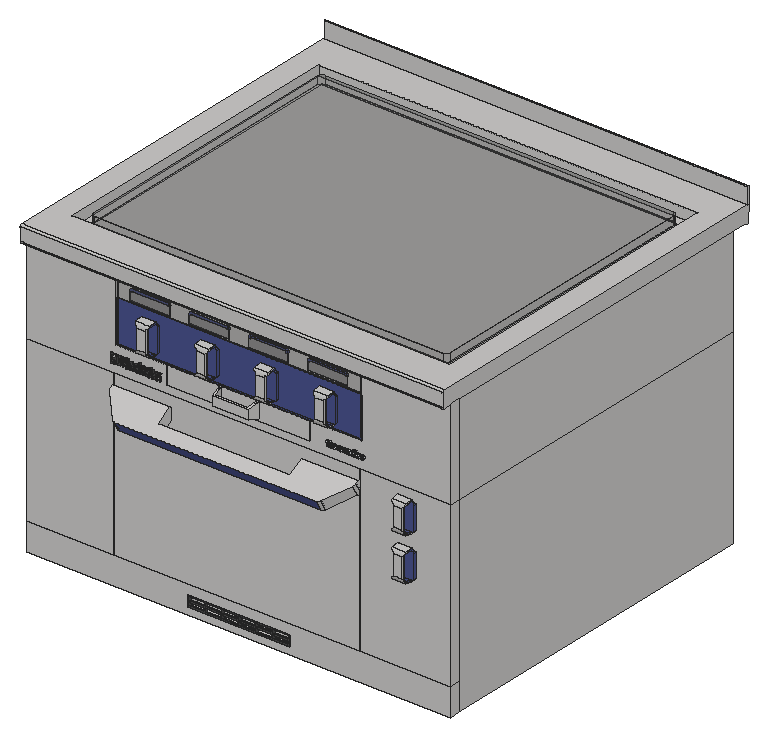
Revit family "QF_ELECTROLUXPROFESSIONAL_589650_MCLLEBJ8AO", category Attrezzature speciali, Revit 2020 (continued)
Definition of nested family "Front_Panel_W1000_Four Knobs"
  Definition of nested family "ELX_Professional_Logo_Small"
    Forms (mm)
      Extrusion 2, solid, material <- "Material_Logo"
        sketch origin (15.5, 0, 0) x (1, 0, 0) y (0, 1, 0)
          loop
            spline (-21.915, 1.897) -> (-21.957, 2.615) -> (-22.082, 3.303) -> (-22.285, 3.955) -> (-22.563, 4.564) -> (-22.913, 5.124) -> (-23.331, 5.629) -> (-23.814, 6.074) -> (-24.359, 6.451) -> (-24.961, 6.755) -> (-25.618, 6.98) -> (-26.326, 7.119) -> (-27.081, 7.167)
            spline (-27.081, 7.167) -> (-27.853, 7.122) -> (-28.586, 6.99) -> (-29.275, 6.774) -> (-29.915, 6.478) -> (-30.5, 6.104) -> (-31.024, 5.657) -> (-31.483, 5.138) -> (-31.871, 4.553) -> (-32.182, 3.904) -> (-32.411, 3.194) -> (-32.552, 2.427) -> (-32.6, 1.606)
            spline (-32.6, 1.606) -> (-32.553, 0.805) -> (-32.416, 0.057) -> (-32.193, -0.637) -> (-31.887, -1.271) -> (-31.504, -1.843) -> (-31.048, -2.35) -> (-30.523, -2.788) -> (-29.934, -3.154) -> (-29.284, -3.444) -> (-28.579, -3.656) -> (-27.822, -3.785) -> (-27.019, -3.829)
            spline (-27.019, -3.829) -> (-26.627, -3.82) -> (-26.239, -3.79) -> (-25.856, -3.739) -> (-25.477, -3.663) -> (-25.103, -3.562) -> (-24.734, -3.432) -> (-24.369, -3.273) -> (-24.01, -3.082) -> (-23.655, -2.858) -> (-23.305, -2.597) -> (-22.96, -2.299) -> (-22.621, -1.962)
            line (-22.621, -1.962) -> (-24.114, -0.509)
            spline (-24.114, -0.509) -> (-24.311, -0.699) -> (-24.509, -0.872) -> (-24.71, -1.03) -> (-24.915, -1.172) -> (-25.126, -1.297) -> (-25.346, -1.407) -> (-25.576, -1.5) -> (-25.817, -1.576) -> (-26.072, -1.636) -> (-26.342, -1.678) -> (-26.629, -1.704) -> (-26.936, -1.713)
            spline (-26.936, -1.713) -> (-27.384, -1.691) -> (-27.805, -1.625) -> (-28.196, -1.518) -> (-28.556, -1.372) -> (-28.882, -1.187) -> (-29.174, -0.966) -> (-29.429, -0.71) -> (-29.645, -0.422) -> (-29.821, -0.102) -> (-29.955, 0.247) -> (-30.045, 0.623) -> (-30.089, 1.026)
            line (-30.089, 1.026) -> (-21.956, 1.026) -> (-21.915, 1.897)
          loop
            spline (-24.446, 2.769) -> (-24.47, 3.075) -> (-24.54, 3.37) -> (-24.654, 3.65) -> (-24.807, 3.913) -> (-24.996, 4.156) -> (-25.219, 4.376) -> (-25.472, 4.57) -> (-25.753, 4.736) -> (-26.057, 4.869) -> (-26.382, 4.968) -> (-26.724, 5.03) -> (-27.081, 5.051)
            spline (-27.081, 5.051) -> (-27.464, 5.03) -> (-27.832, 4.97) -> (-28.183, 4.872) -> (-28.513, 4.74) -> (-28.819, 4.577) -> (-29.099, 4.384) -> (-29.347, 4.165) -> (-29.563, 3.923) -> (-29.742, 3.659) -> (-29.881, 3.377) -> (-29.977, 3.079) -> (-30.027, 2.769)
            line (-30.027, 2.769) -> (-24.446, 2.769)
          loop
            spline (-18.167, 1.669) -> (-18.138, 2.13) -> (-18.055, 2.567) -> (-17.921, 2.978) -> (-17.739, 3.358) -> (-17.512, 3.705) -> (-17.243, 4.016) -> (-16.937, 4.287) -> (-16.596, 4.517) -> (-16.223, 4.7) -> (-15.823, 4.835) -> (-15.398, 4.919) -> (-14.951, 4.947)
            spline (-14.951, 4.947) -> (-14.677, 4.938) -> (-14.414, 4.913) -> (-14.162, 4.871) -> (-13.921, 4.812) -> (-13.69, 4.738) -> (-13.467, 4.649) -> (-13.254, 4.544) -> (-13.048, 4.424) -> (-12.85, 4.291) -> (-12.659, 4.143) -> (-12.474, 3.981) -> (-12.295, 3.806)
            line (-12.295, 3.806) -> (-10.76, 5.403)
            spline (-10.76, 5.403) -> (-11.065, 5.709) -> (-11.38, 5.984) -> (-11.703, 6.228) -> (-12.035, 6.443) -> (-12.375, 6.63) -> (-12.723, 6.788) -> (-13.078, 6.92) -> (-13.44, 7.026) -> (-13.809, 7.107) -> (-14.184, 7.164) -> (-14.564, 7.198) -> (-14.951, 7.209)
            spline (-14.951, 7.209) -> (-15.725, 7.161) -> (-16.467, 7.02) -> (-17.169, 6.792) -> (-17.826, 6.482) -> (-18.43, 6.096) -> (-18.976, 5.637) -> (-19.455, 5.112) -> (-19.862, 4.525) -> (-20.19, 3.882) -> (-20.433, 3.189) -> (-20.584, 2.449) -> (-20.635, 1.669)
            spline (-20.635, 1.669) -> (-20.584, 0.889) -> (-20.433, 0.149) -> (-20.19, -0.545) -> (-19.862, -1.187) -> (-19.455, -1.774) -> (-18.976, -2.299) -> (-18.43, -2.758) -> (-17.826, -3.145) -> (-17.169, -3.454) -> (-16.467, -3.682) -> (-15.725, -3.823) -> (-14.951, -3.871)
            spline (-14.951, -3.871) -> (-14.564, -3.86) -> (-14.184, -3.826) -> (-13.809, -3.77) -> (-13.44, -3.689) -> (-13.078, -3.583) -> (-12.723, -3.451) -> (-12.375, -3.292) -> (-12.035, -3.105) -> (-11.703, -2.89) -> (-11.38, -2.646) -> (-11.065, -2.371) -> (-10.76, -2.066)
            line (-10.76, -2.066) -> (-12.295, -0.468)
            spline (-12.295, -0.468) -> (-12.474, -0.643) -> (-12.659, -0.805) -> (-12.85, -0.953) -> (-13.048, -1.087) -> (-13.254, -1.206) -> (-13.467, -1.311) -> (-13.69, -1.4) -> (-13.921, -1.475) -> (-14.162, -1.533) -> (-14.414, -1.575) -> (-14.677, -1.6) -> (-14.951, -1.609)
            spline (-14.951, -1.609) -> (-15.398, -1.581) -> (-15.823, -1.497) -> (-16.223, -1.362) -> (-16.596, -1.179) -> (-16.937, -0.95) -> (-17.243, -0.678) -> (-17.512, -0.367) -> (-17.739, -0.02) -> (-17.921, 0.36) -> (-18.055, 0.771) -> (-18.138, 1.208) -> (-18.167, 1.669)
          loop
            spline (-4.441, -1.243) -> (-4.659, -1.247) -> (-4.894, -1.23) -> (-5.137, -1.19) -> (-5.384, -1.121) -> (-5.628, -1.021) -> (-5.864, -0.884) -> (-6.084, -0.708) -> (-6.283, -0.488) -> (-6.454, -0.219) -> (-6.592, 0.101) -> (-6.69, 0.478) -> (-6.742, 0.914)
            line (-6.742, 0.914) -> (-6.742, 4.587) -> (-4.487, 4.587) -> (-4.487, 6.838) -> (-6.738, 6.838) -> (-6.738, 10.824) -> (-9.217, 10.824) -> (-9.217, 0.773)
            spline (-9.217, 0.773) -> (-9.164, 0.19) -> (-9.068, -0.358) -> (-8.928, -0.87) -> (-8.742, -1.343) -> (-8.511, -1.777) -> (-8.232, -2.168) -> (-7.904, -2.515) -> (-7.527, -2.816) -> (-7.098, -3.069) -> (-6.618, -3.273) -> (-6.084, -3.426) -> (-5.496, -3.525)
            line (-5.496, -3.525) -> (-4.45, -3.573) -> (-4.441, -1.243)
          loop
            spline (3.898, 6.983) -> (3.469, 7.009) -> (3.056, 7.001) -> (2.661, 6.961) -> (2.283, 6.888) -> (1.925, 6.785) -> (1.588, 6.652) -> (1.272, 6.49) -> (0.979, 6.301) -> (0.71, 6.085) -> (0.465, 5.844) -> (0.247, 5.578) -> (0.056, 5.289)
            line (0.056, 5.289) -> (0.056, 6.838) -> (-2.402, 6.838) -> (-2.402, -3.572) -> (0.056, -3.572) -> (0.056, 1.901)
            spline (0.056, 1.901) -> (0.079, 2.316) -> (0.145, 2.703) -> (0.254, 3.06) -> (0.404, 3.386) -> (0.592, 3.679) -> (0.818, 3.938) -> (1.08, 4.162) -> (1.375, 4.348) -> (1.703, 4.495) -> (2.062, 4.602) -> (2.45, 4.668) -> (2.865, 4.69)
            line (2.865, 4.69) -> (3.898, 4.586) -> (3.898, 6.983)
          loop
            spline (15.638, 1.633) -> (15.586, 2.396) -> (15.435, 3.124) -> (15.192, 3.81) -> (14.863, 4.449) -> (14.455, 5.034) -> (13.975, 5.56) -> (13.43, 6.021) -> (12.826, 6.411) -> (12.17, 6.724) -> (11.469, 6.955) -> (10.729, 7.098) -> (9.958, 7.147)
            spline (9.958, 7.147) -> (9.182, 7.098) -> (8.44, 6.955) -> (7.737, 6.724) -> (7.081, 6.411) -> (6.477, 6.021) -> (5.933, 5.56) -> (5.454, 5.034) -> (5.048, 4.449) -> (4.721, 3.81) -> (4.479, 3.124) -> (4.329, 2.396) -> (4.277, 1.633)
            spline (4.277, 1.633) -> (4.329, 0.869) -> (4.479, 0.141) -> (4.721, -0.544) -> (5.048, -1.183) -> (5.454, -1.768) -> (5.933, -2.294) -> (6.477, -2.755) -> (7.081, -3.145) -> (7.737, -3.459) -> (8.44, -3.69) -> (9.182, -3.833) -> (9.958, -3.882)
            spline (9.958, -3.882) -> (10.729, -3.833) -> (11.469, -3.69) -> (12.17, -3.459) -> (12.826, -3.145) -> (13.43, -2.755) -> (13.975, -2.294) -> (14.455, -1.768) -> (14.863, -1.183) -> (15.192, -0.544) -> (15.435, 0.141) -> (15.586, 0.869) -> (15.638, 1.633)
          loop
            spline (13.18, 1.633) -> (13.151, 2.083) -> (13.067, 2.513) -> (12.932, 2.918) -> (12.748, 3.296) -> (12.52, 3.642) -> (12.251, 3.954) -> (11.943, 4.227) -> (11.601, 4.459) -> (11.228, 4.645) -> (10.828, 4.782) -> (10.403, 4.867) -> (9.958, 4.896)
            spline (9.958, 4.896) -> (9.509, 4.867) -> (9.081, 4.782) -> (8.679, 4.645) -> (8.306, 4.459) -> (7.964, 4.227) -> (7.658, 3.954) -> (7.39, 3.642) -> (7.163, 3.296) -> (6.981, 2.918) -> (6.847, 2.513) -> (6.765, 2.083) -> (6.736, 1.633)
            spline (6.736, 1.633) -> (6.765, 1.182) -> (6.847, 0.753) -> (6.981, 0.347) -> (7.163, -0.031) -> (7.39, -0.377) -> (7.658, -0.689) -> (7.964, -0.962) -> (8.306, -1.193) -> (8.679, -1.38) -> (9.081, -1.517) -> (9.509, -1.602) -> (9.958, -1.631)
            spline (9.958, -1.631) -> (10.403, -1.602) -> (10.828, -1.517) -> (11.228, -1.38) -> (11.601, -1.193) -> (11.943, -0.962) -> (12.251, -0.689) -> (12.52, -0.377) -> (12.748, -0.031) -> (12.932, 0.347) -> (13.067, 0.753) -> (13.151, 1.182) -> (13.18, 1.633)
          loop
            line (17.162, 4.269) -> (17.162, -3.573) -> (19.642, -3.573) -> (19.642, 10.824) -> (17.162, 10.824) -> (17.162, 4.269)
          loop
            line (28.581, 6.838) -> (28.581, 0.786)
            spline (28.581, 0.786) -> (28.561, 0.393) -> (28.503, 0.038) -> (28.409, -0.279) -> (28.281, -0.559) -> (28.122, -0.802) -> (27.933, -1.011) -> (27.717, -1.185) -> (27.476, -1.325) -> (27.213, -1.433) -> (26.929, -1.509) -> (26.626, -1.554) -> (26.308, -1.569)
            spline (26.308, -1.569) -> (25.99, -1.554) -> (25.688, -1.509) -> (25.404, -1.434) -> (25.141, -1.326) -> (24.9, -1.187) -> (24.684, -1.014) -> (24.496, -0.807) -> (24.336, -0.565) -> (24.209, -0.288) -> (24.115, 0.026) -> (24.057, 0.376) -> (24.037, 0.765)
            line (24.037, 0.765) -> (24.037, 6.838) -> (21.537, 6.838) -> (21.537, 0.558)
            spline (21.537, 0.558) -> (21.581, -0.153) -> (21.71, -0.8) -> (21.916, -1.384) -> (22.195, -1.904) -> (22.54, -2.362) -> (22.944, -2.757) -> (23.403, -3.09) -> (23.909, -3.362) -> (24.456, -3.572) -> (25.04, -3.722) -> (25.652, -3.811) -> (26.288, -3.841)
            spline (26.288, -3.841) -> (26.929, -3.811) -> (27.547, -3.72) -> (28.135, -3.568) -> (28.687, -3.355) -> (29.197, -3.079) -> (29.66, -2.741) -> (30.068, -2.341) -> (30.415, -1.877) -> (30.696, -1.349) -> (30.905, -0.757) -> (31.034, -0.101) -> (31.079, 0.621)
            line (31.079, 0.621) -> (31.079, 6.838) -> (28.581, 6.838)
          loop
            line (40.457, -0.243) -> (38.894, 1.942) -> (40.83, 4.579) -> (42.488, 6.837) -> (39.782, 6.837) -> (37.53, 3.719) -> (35.258, 6.837) -> (32.573, 6.837) -> (34.113, 4.731) -> (36.167, 1.922) -> (34.014, -1.076) -> (32.222, -3.573) -> (34.887, -3.573) -> (37.53, 0.104) -> (40.174, -3.573) -> (42.839, -3.573) -> (40.457, -0.243)
          loop
            line (-46.121, -5.837) -> (-48.039, -5.837) -> (-48.039, -10.814) -> (-47.016, -10.814) -> (-47.016, -9.128) -> (-46.121, -9.128)
            arc (-46.121, -9.128) -> (-44.476, -7.482) -> (-46.121, -5.837) r 1.645
          loop
            line (-46.163, -6.778) -> (-47.016, -6.778) -> (-47.016, -8.187) -> (-46.163, -8.187)
            arc (-46.163, -8.187) -> (-45.458, -7.482) -> (-46.163, -6.778) r 0.704
          loop
            line (-38.313, -5.837) -> (-40.265, -5.837) -> (-40.265, -10.814) -> (-39.241, -10.814) -> (-39.241, -9.1) -> (-38.46, -9.182) -> (-37.48, -10.814) -> (-36.318, -10.814) -> (-37.513, -8.848)
            arc (-37.513, -8.848) -> (-36.888, -8.266) -> (-36.671, -7.441) r 1.536
            arc (-36.671, -7.441) -> (-37.165, -6.305) -> (-38.313, -5.837) r 1.643
          loop
            arc (-38.402, -8.166) -> (-37.707, -7.505) -> (-38.334, -6.778) r 0.696
            line (-38.334, -6.778) -> (-39.241, -6.778) -> (-39.241, -8.166) -> (-38.402, -8.166)
          loop
            circle (-29.965, -8.325) r 2.585
          loop
            circle (-29.965, -8.325) r 1.64
          loop
            line (-23.1, -5.837) -> (-23.1, -10.814) -> (-22.076, -10.814) -> (-22.076, -8.768) -> (-20.204, -8.768) -> (-20.204, -7.828) -> (-22.076, -7.828) -> (-22.076, -6.778) -> (-20.024, -6.778) -> (-20.024, -5.837) -> (-23.1, -5.837)
          loop
            line (-15.802, -5.837) -> (-15.802, -9.2)
            arc (-15.802, -9.2) -> (-15.343, -10.34) -> (-14.209, -10.814) r 1.593
            line (-14.209, -10.814) -> (-12.602, -10.814) -> (-12.602, -10.027) -> (-14.004, -10.027)
            arc (-14.004, -10.027) -> (-14.552, -9.8) -> (-14.779, -9.252) r 0.775
            line (-14.779, -9.252) -> (-14.779, -8.424) -> (-12.789, -8.424) -> (-12.789, -7.642) -> (-14.779, -7.642) -> (-14.779, -6.778) -> (-12.651, -6.778) -> (-12.651, -5.837) -> (-15.802, -5.837)
          loop
            line (-5.909, -7.143) -> (-5.173, -6.638)
            arc (-5.173, -6.638) -> (-5.855, -5.974) -> (-6.781, -5.755) r 1.782
            arc (-6.781, -5.755) -> (-7.397, -5.878) -> (-7.944, -6.189) r 1.974
            arc (-7.944, -6.189) -> (-8.202, -6.5) -> (-8.317, -6.888) r 1.013
            arc (-8.317, -6.888) -> (-8.306, -7.341) -> (-8.192, -7.78) r 1.985
            arc (-8.192, -7.78) -> (-7.749, -8.259) -> (-7.171, -8.563) r 1.928
            arc (-7.171, -8.563) -> (-6.637, -8.779) -> (-6.131, -9.056) r 5.041
            arc (-6.131, -9.056) -> (-5.934, -9.387) -> (-6.09, -9.74) r 0.42
            arc (-6.09, -9.74) -> (-6.631, -9.96) -> (-7.204, -9.845) r 1.016
            arc (-7.204, -9.845) -> (-7.625, -9.603) -> (-7.889, -9.196) r 1.033
            line (-7.889, -9.196) -> (-8.67, -9.686)
            arc (-8.67, -9.686) -> (-8.361, -10.198) -> (-7.908, -10.589) r 1.914
            arc (-7.908, -10.589) -> (-7.334, -10.834) -> (-6.714, -10.896) r 2.063
            arc (-6.714, -10.896) -> (-5.947, -10.743) -> (-5.256, -10.376) r 2.696
            arc (-5.256, -10.376) -> (-4.95, -9.565) -> (-5.108, -8.712) r 1.618
            arc (-5.108, -8.712) -> (-5.448, -8.319) -> (-5.884, -8.035) r 1.876
            arc (-5.884, -8.035) -> (-6.434, -7.789) -> (-6.999, -7.577) r 9.883
            arc (-6.999, -7.577) -> (-7.325, -7.07) -> (-6.854, -6.694) r 0.45
            arc (-6.854, -6.694) -> (-6.329, -6.809) -> (-5.909, -7.143) r 1.197
          loop
            line (1.61, -7.143) -> (2.345, -6.638)
            arc (2.345, -6.638) -> (1.663, -5.974) -> (0.737, -5.755) r 1.782
            arc (0.737, -5.755) -> (0.121, -5.878) -> (-0.425, -6.189) r 1.974
            arc (-0.425, -6.189) -> (-0.683, -6.5) -> (-0.799, -6.888) r 1.013
            arc (-0.799, -6.888) -> (-0.788, -7.341) -> (-0.674, -7.78) r 1.985
            arc (-0.674, -7.78) -> (-0.231, -8.259) -> (0.347, -8.563) r 1.928
            arc (0.347, -8.563) -> (0.881, -8.779) -> (1.387, -9.056) r 5.041
            arc (1.387, -9.056) -> (1.584, -9.387) -> (1.428, -9.74) r 0.42
            arc (1.428, -9.74) -> (0.887, -9.96) -> (0.314, -9.845) r 1.016
            arc (0.314, -9.845) -> (-0.107, -9.603) -> (-0.371, -9.196) r 1.033
            line (-0.371, -9.196) -> (-1.152, -9.686)
            arc (-1.152, -9.686) -> (-0.842, -10.198) -> (-0.39, -10.589) r 1.914
            arc (-0.39, -10.589) -> (0.184, -10.834) -> (0.804, -10.896) r 2.063
            arc (0.804, -10.896) -> (1.572, -10.743) -> (2.263, -10.376) r 2.696
            arc (2.263, -10.376) -> (2.568, -9.565) -> (2.411, -8.712) r 1.618
            arc (2.411, -8.712) -> (2.07, -8.319) -> (1.635, -8.035) r 1.876
            arc (1.635, -8.035) -> (1.084, -7.789) -> (0.519, -7.577) r 9.883
            arc (0.519, -7.577) -> (0.193, -7.07) -> (0.665, -6.694) r 0.45
            arc (0.665, -6.694) -> (1.189, -6.809) -> (1.61, -7.143) r 1.197
          loop
            line (6.801, -5.837) -> (6.801, -10.814) -> (7.825, -10.814) -> (7.825, -5.837) -> (6.801, -5.837)
          loop
            circle (14.724, -8.325) r 1.548
          loop
            circle (14.724, -8.325) r 2.585
          loop
            line (21.59, -10.814) -> (22.623, -10.814) -> (22.623, -7.685) -> (24.9, -10.814) -> (25.895, -10.814) -> (25.895, -5.837) -> (24.861, -5.837) -> (24.861, -9.061) -> (22.585, -5.837) -> (21.59, -5.837) -> (21.59, -10.814)
          loop
            line (31.054, -10.814) -> (31.539, -9.74) -> (33.38, -9.74) -> (33.865, -10.814) -> (34.965, -10.814) -> (32.46, -5.837) -> (29.956, -10.814) -> (31.054, -10.814)
          loop
            line (32.46, -7.698) -> (31.999, -8.719) -> (32.921, -8.719) -> (32.46, -7.698)
          loop
            line (40.047, -9.873) -> (40.047, -5.837) -> (39.024, -5.837) -> (39.024, -10.814) -> (41.961, -10.814) -> (41.961, -9.873) -> (40.047, -9.873)
          loop
            line (-74.986, -10.814) -> (-53.322, -10.814) -> (-53.322, 10.82) -> (-74.986, 10.82) -> (-74.986, -10.814)
          loop
            line (-61.261, 9.758) -> (-61.261, -9.707)
            arc (-61.261, -9.707) -> (-54.066, 0.025) -> (-61.261, 9.758) r 10.18
          loop
            line (-62.251, 8.349) -> (-62.251, 9.758)
            arc (-62.251, 9.758) -> (-70.347, 7.918) -> (-74.247, 0.59) r 9.976
            line (-74.247, 0.59) -> (-71.026, 0.59)
            arc (-71.026, 0.59) -> (-65.274, 2.925) -> (-62.251, 8.349) r 9.351
          loop
            arc (-74.247, -0.539) -> (-70.353, -7.928) -> (-62.251, -9.957) r 10.237
            line (-62.251, -9.957) -> (-62.251, -8.298)
            arc (-62.251, -8.298) -> (-65.274, -2.874) -> (-71.026, -0.539) r 9.351
            line (-71.026, -0.539) -> (-74.247, -0.539)
        from 0 to 1.644
    Dimensions and locks
      aligned and locked: plane 2 to Extrusion 1
      aligned and locked: level to Extrusion 1
